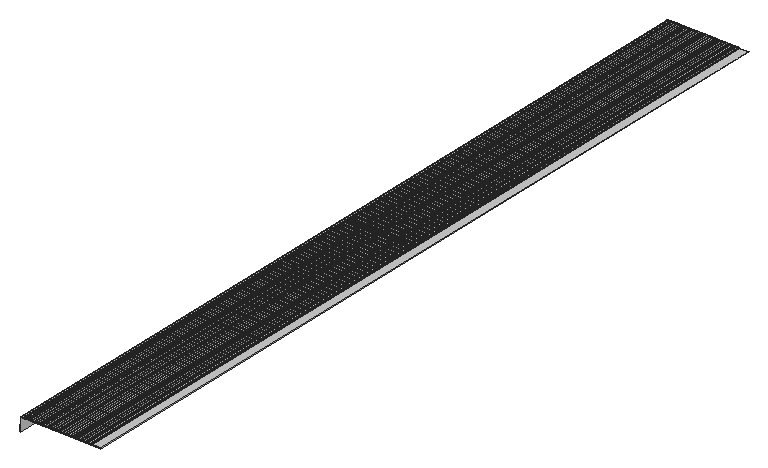
Revit family "111213010058709", category Modelos genéricos, Revit 2018
Family settings
  Puede alojar armadura = No
  Cota de conector redondo = Diámetro de uso
  Tipo de pieza = Normal
  Se basa en plano de trabajo = No
  Siempre vertical = No
  Corte con vacíos al cargar = No
  Compartido = No
  Punto de cálculo de habitación = No
Parameters (values of type "GRADA NEO PVC 300X50MM GRIS CLARO TIRA 3.00")
  Ventajas = "Autoextinguible"
  Uso = "Fabricado en PVC, ideal para zonas de medio y alto trafico, con estrías\r\nantideslizantes. Ideal para: Edificios Públicos y Privados, Colegios, Universidades, Centros\r\ncomerciales, Aeropuertos, Hoteles, Edificios Habitacionales, entre otros."
  Unidad = "Tiras de 1.20 Mts y 3.00 Mts."
  URL = "https://www.empresascnp.cl/"
  Num SKUs = "111213010058709"
  Nombre SKU = "GRADA NEO PVC 300X50MM GRIS CLARO TIRA 3MT"
  Modelo = "GRADA NEO PVC 300X50MM"
  Material = PVC flexible gris claro
  Url Ficha tecnica = "https://empresascnp.cl/wp-content/uploads//pdf/ficha-tecnica-grada-neo-pvc-300x50mm-gris-tira-1-2mt.pdf"
  Largo = 3000.00 mm
  Espesor = 2.00 mm
  Empresa = "CNP SPA."
  Dureza = "80 shore A"
  Dimension = 300.00 mm
  Descripción = "Grada Neo 300x50 MM."
  Contacto = "info@empresascnp.cl"
  Color = "GRIS"
  Aplicacion = "Escaleras"
  Alto = 50.00 mm
Reference planes
  plane 1 "Center F/B": y = 0
  plane 2: z = 0
  plane 3 "Center L/R": x = 0
  plane 4: z = -50
  plane 5 "2": y = 1500
  plane 6 "3": y = -1500
  plane 7: x = 300
  plane 8: z = -2
  plane 9 "4": x = 2
Forms (mm)
  Extrusion 1, solid, material "PVC flexible gris claro" <- "Material"
    sketch origin (0, 0, 0) x (1, 0, 0) y (0, 0, 1)
      loop
        line (300, 0) -> (270, 0) -> (270, -0.79) -> (266, -0.79) -> (266, 0) -> (264, 0) -> (264, -0.79) -> (263, -0.79) -> (263, 0) -> (261, 0) -> (261, -0.79) -> (260, -0.79) -> (260, 0) -> (258, 0) -> (258, -0.79) -> (257, -0.79) -> (257, 0) -> (255, 0) -> (255, -0.79) -> (251, -0.79) -> (251, 0) -> (249, 0) -> (249, -0.79) -> (248, -0.79) -> (248, 0) -> (246, 0) -> (246, -0.79) -> (245, -0.79) -> (245, 0) -> (243, 0) -> (243, -0.79) -> (242, -0.79) -> (242, 0) -> (240, 0) -> (240, -0.79) -> (236, -0.79) -> (236, 0) -> (234, 0) -> (234, -0.79) -> (233, -0.79) -> (233, 0) -> (231, 0) -> (231, -0.79) -> (230, -0.79) -> (230, 0) -> (228, 0) -> (228, -0.79) -> (227, -0.79) -> (227, 0) -> (225, 0) -> (225, -0.79) -> (221, -0.79) -> (221, 0) -> (219, 0) -> (219, -0.79) -> (218, -0.79) -> (218, 0) -> (216, 0) -> (216, -0.79) -> (215, -0.79) -> (215, 0) -> (213, 0) -> (213, -0.79) -> (212, -0.79) -> (212, 0) -> (210, 0) -> (210, -0.79) -> (206, -0.79) -> (206, 0) -> (204, 0) -> (204, -0.79) -> (203, -0.79) -> (203, 0) -> (201, 0) -> (201, -0.79) -> (200, -0.79) -> (200, 0) -> (198, 0) -> (198, -0.79) -> (197, -0.79) -> (197, 0) -> (195, 0) -> (195, -0.79) -> (191, -0.79) -> (191, 0) -> (189, 0) -> (189, -0.79) -> (188, -0.79) -> (188, 0) -> (186, 0) -> (186, -0.79) -> (185, -0.79) -> (185, 0) -> (183, 0) -> (183, -0.79) -> (182, -0.79) -> (182, 0) -> (180, 0) -> (180, -0.79) -> (176, -0.79) -> (176, 0) -> (174, 0) -> (174, -0.79) -> (173, -0.79) -> (173, 0) -> (171, 0) -> (171, -0.79) -> (170, -0.79) -> (170, 0) -> (168, 0) -> (168, -0.79) -> (167, -0.79) -> (167, 0) -> (165, 0) -> (165, -0.79) -> (161, -0.79) -> (161, 0) -> (159, 0) -> (159, -0.79) -> (158, -0.79) -> (158, 0) -> (156, 0) -> (156, -0.79) -> (155, -0.79) -> (155, 0) -> (153, 0) -> (153, -0.79) -> (152, -0.79) -> (152, 0) -> (150, 0) -> (150, -0.79) -> (146, -0.79) -> (146, 0) -> (144, 0) -> (144, -0.79) -> (143, -0.79) -> (143, 0) -> (141, 0) -> (141, -0.79) -> (140, -0.79) -> (140, 0) -> (138, 0) -> (138, -0.79) -> (137, -0.79) -> (137, 0) -> (135, 0) -> (135, -0.79) -> (131, -0.79) -> (131, 0) -> (129, 0) -> (129, -0.79) -> (128, -0.79) -> (128, 0) -> (126, 0) -> (126, -0.79) -> (125, -0.79) -> (125, 0) -> (123, 0) -> (123, -0.79) -> (122, -0.79) -> (122, 0) -> (120, 0) -> (120, -0.79) -> (116, -0.79) -> (116, 0) -> (114, 0) -> (114, -0.79) -> (113, -0.79) -> (113, 0) -> (111, 0) -> (111, -0.79) -> (110, -0.79) -> (110, 0) -> (108, 0) -> (108, -0.79) -> (107, -0.79) -> (107, 0) -> (105, 0) -> (105, -0.79) -> (101, -0.79) -> (101, 0) -> (99, 0) -> (99, -0.79) -> (98, -0.79) -> (98, 0) -> (96, 0) -> (96, -0.79) -> (95, -0.79) -> (95, 0) -> (93, 0) -> (93, -0.79) -> (92, -0.79) -> (92, 0) -> (90, 0) -> (90, -0.79) -> (86, -0.79) -> (86, 0) -> (84, 0) -> (84, -0.79) -> (83, -0.79) -> (83, 0) -> (81, 0) -> (81, -0.79) -> (80, -0.79) -> (80, 0) -> (78, 0) -> (78, -0.79) -> (77, -0.79) -> (77, 0) -> (75, 0) -> (75, -0.79) -> (71, -0.79) -> (71, 0) -> (69, 0) -> (69, -0.79) -> (68, -0.79) -> (68, 0) -> (66, 0) -> (66, -0.79) -> (65, -0.79) -> (65, 0) -> (63, 0) -> (63, -0.79) -> (62, -0.79) -> (62, 0) -> (60, 0) -> (60, -0.79) -> (56, -0.79) -> (56, 0) -> (54, 0) -> (54, -0.79) -> (53, -0.79) -> (53, 0) -> (51, 0) -> (51, -0.79) -> (50, -0.79) -> (50, 0) -> (48, 0) -> (48, -0.79) -> (47, -0.79) -> (47, 0) -> (45, 0) -> (45, -0.79) -> (41, -0.79) -> (41, 0) -> (39, 0) -> (39, -0.79) -> (38, -0.79) -> (38, 0) -> (36, 0) -> (36, -0.79) -> (35, -0.79) -> (35, 0) -> (33, 0) -> (33, -0.79) -> (32, -0.79) -> (32, 0) -> (30, 0) -> (30, -0.79) -> (26, -0.79) -> (26, 0) -> (24, 0) -> (24, -0.79) -> (23, -0.79) -> (23, 0) -> (21, 0) -> (21, -0.79) -> (20, -0.79) -> (20, 0) -> (18, 0) -> (18, -0.79) -> (17, -0.79) -> (17, 0) -> (15, 0) -> (15, -0.79) -> (11, -0.79) -> (11, 0) -> (3, 0)
        arc (3, 0) -> (0.879, -0.879) -> (0, -3) r 3
        line (0, -3) -> (0, -50) -> (2, -50) -> (2, -3)
        arc (2, -3) -> (2.293, -2.293) -> (3, -2) r 1
        line (3, -2) -> (300, -2) -> (300, 0)
    from -1500 to 1500
Dimensions and locks
  "Alto": level to plane 4
  equal spacing: plane 6 "3", plane 1 "Center F/B", plane 5 "2"
  "Largo": plane 6 "3" to plane 5 "2"
  "Dimension": plane 7 to plane 3 "Center L/R"
  "Espesor": plane 2 to Extrusion 1 sketch curve
  "Espesor": Extrusion 1 sketch curve to plane 3 "Center L/R"
  aligned and locked: plane 6 "3" to Extrusion 1
  aligned and locked: Extrusion 1 to plane 5 "2"
  aligned and locked: Extrusion 1 sketch curve to plane 3 "Center L/R"
  aligned and locked: plane 2 to Extrusion 1 sketch curve
  aligned and locked: Extrusion 1 sketch curve to plane 7
  aligned and locked: plane 4 to Extrusion 1 sketch curve
Automatic sketch dimensions
  Extrusion 1 sketch curve to Extrusion 1 sketch curve = 0.00 mm  (x2)
  Extrusion 1 sketch curve to level = 0.00 mm  (x68)
  plane 9 "4" to Extrusion 1 sketch curve = 1.00 mm
  Extrusion 1 sketch curve to level = 0.79 mm  (x69)
  Extrusion 1 sketch curve to Extrusion 1 sketch curve = 8.00 mm
  Extrusion 1 sketch curve to Extrusion 1 sketch curve = 4.00 mm  (x18)
  Extrusion 1 sketch curve to Extrusion 1 sketch curve = 2.00 mm  (x68)
  Extrusion 1 sketch curve to Extrusion 1 sketch curve = 1.00 mm  (x51)
